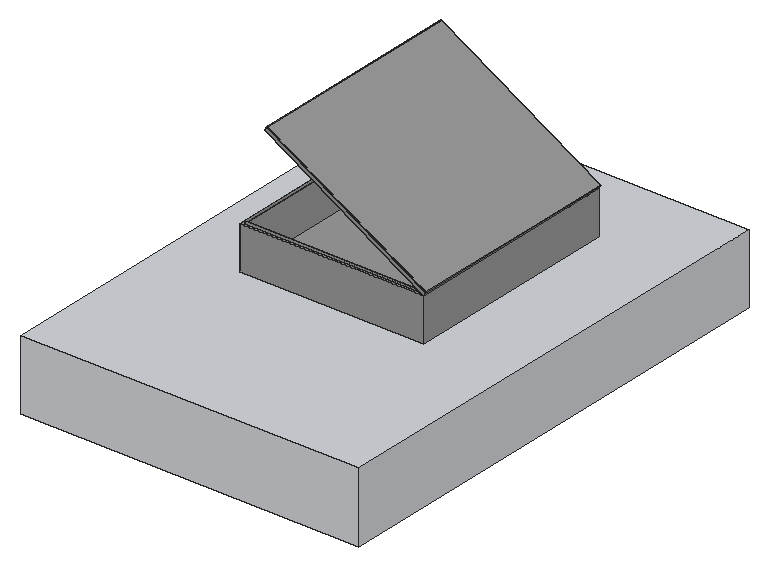
Revit family "Hager-Univers-IP44-D205-H950-Cl.II-Encl-PL-en", category Equipement électrique, Revit 2020
Family settings
  Hôte = Face
  Configuration du panneau = Deux colonnes, circuits au sein
  Cote de connecteur circulaire = Utiliser le diamètre
  Type d'élément = Tableau de raccordement
  Couper avec des vides une fois chargée = Non
  Partagée = Non
  Point de calcul de pièce = Non
Parameters (values of type "Surface mounted (plaster) IP44 W800 H950 D205  - FP63SN2")
  Width Control [instance] = if([EF000008 - Width] > Min Width, [EF000008 - Width], Min Width)  # 800 mm
  Commentaires du type = [HG000003 - Range]  # "Univers"
  Thickness Door [instance] = if([EF009171 - Material plate thickness door/cover] > 3 mm, 3 mm, [EF009171 - Material plate thickness door/cover])  # 1 mm
  Seal Frame Offset [instance] = 17 mm  # constant formula
  Plinth Visibility [instance] = [HG000027 - Plinth height] > 0 mm  # no
  Model = ""
  Min Width [instance] = 100 mm  # constant formula
  Min Height [instance] = 100 mm  # constant formula
  Min Depth [instance] = (2 * [EF009170 - Material plate thickness cabinet]) + 1 mm  # 3 mm
  Internal Frame Depth [instance] = (Door System Depth * 0.5)  # 9 mm
  Height Control [instance] = if([EF000040 - Height] > Min Height, [EF000040 - Height], Min Height)  # 950 mm
  HG000027 - Plinth height = 0 mm
  HG000026 - Floor standing = no
  HG000024 - Bottom section height = 800 mm
  HG000023 - Double section enclosure = no
  HG000016 - Door 3d visibility [instance] = yes
  HG000015 - Clearance visibility [instance] = no
  HG000014 - Door on the right [instance] = yes
  HG000013 - Door on the left [instance] = not([HG000014 - Door on the right])  # no
  HG000012 - Door swing angle [instance] = 30.00°
  HG000010 - Asymmetric doors = no
  HG000009 - Double swing door = no
  HG000006 - Flush mounted = no
  HG000004 - Manufacturer reference = "FP63SN2"
  HG000003 - Range = "Univers"
  HG000002 - With door or cover = yes
  Frame Offset Bottom [instance] = 10 mm  # constant formula
  Frame Offset [instance] = 15 mm  # constant formula
  EF015940 - Cover with overpressure release = no
  EF011959 - Degree of protection (NEMA) = ""
  EF009554 - Number of openings for flange plates = 6
  EF009212 - Cover model = "EV000116 - Closed"
  EF009171 - Material plate thickness door/cover = 1 mm
  EF009170 - Material plate thickness cabinet = 1 mm
  Fabricant = "Hager"  # constant formula
  EF008873 - Nominal current (In) = 250 A
  EF007800 - Suitable for lightning protection = no
  EF006306 - With lock = no
  EF006244 - Transparent cover/door = no
  EF005474 - Degree of protection (IP) = "EV006418 - IP44"
  EF004464 - Type of door = "EV002646 - Single"
  EF004427 - Number of modules = 216
  EF004293 - Impact strength = "EV006815 - IK09"
  EF003532 - Suitable for outdoor use = no
  EF002950 - Width in number of modular spacings = 36
  EF001613 - Circuit integrity = "EV000494 - None"
  EF001596 - Material housing = "EV000179 - Steel"
  EF001131 - Internal depth = 130 mm
  EF001088 - Extension possible = yes
  EF000437 - Number of conduit inlets = 6
  EF000339 - Type of cover = "EV004216 - Door"
  EF000266 - Number of rows = 6
  EF000218 - Built-in depth = 205 mm
  EF000118 - With mounting plate = no
  EF000116 - RAL-number = "9010"
  EF000049 - Depth = 205 mm
  EF000040 - Height = 950 mm
  EF000008 - Width = 800 mm
  EF000007 - Colour = "EV000202 - White"
  EF000003 - Mounting method = "EV000384 - Surface mounted (plaster)"
  Door System Leaf Tolerance [instance] = 1.5 mm  # constant formula
  Door System Depth [instance] = 18 mm  # constant formula
  Door Height [instance] = Height Control - [HG000027 - Plinth height]  # 950 mm
  Depth Control [instance] = if([EF000049 - Depth] > Min Depth, [EF000049 - Depth], Min Depth)  # 205 mm
  Default Elevation = 0 mm
  Connector Offset [instance] = Height Control / 2  # 475 mm
  Bottom Top Plate Trim [instance] = 1.5 mm  # constant formula
  Plinth height Ctrl [instance] = if([HG000027 - Plinth height] > 0 mm, [HG000027 - Plinth height], 12 mm)  # 12 mm
Types (5, lengths in mm): name | Width Control | HG000010 - Asymmetric doors | HG000009 - Double swing door | HG000004 - Manufacturer reference | EF009554 - Number of openings for flange plates | EF004464 - Type of door | EF004427 - Number of modules | EF002950 - Width in number of modular spacings | EF001131 - Internal depth | EF000437 - Number of conduit inlets | EF000339 - Type of cover | EF000008 - Width
  Surface mounted (plaster) IP44 W1050 H950 D205  - FP64SN2 | 1050 | no | yes | "FP64SN2" | 8 | "EV003602 - Double" | 288 | 48 | 130 | 8 | "EV004216 - Door" | 1050
  Surface mounted (plaster) IP44 W1300 H950 D205  - FP65SN2 | 1300 | yes | yes | "FP65SN2" | 10 | "EV003602 - Double" | 360 | 60 | 130 | 10 | "EV004216 - Door" | 1300
  Surface mounted (plaster) IP44 W300 H950 D205  - FP61SN2 | 300 | no | no | "FP61SN2" | 2 | "EV002646 - Single" | 72 | 12 | 143 | 2 | "EV001012 - Cover" | 300
  Surface mounted (plaster) IP44 W550 H950 D205  - FP62SN2 | 550 | no | no | "FP62SN2" | 4 | "EV002646 - Single" | 144 | 24 | 143 | 4 | "EV001012 - Cover" | 550
  Surface mounted (plaster) IP44 W800 H950 D205  - FP63SN2 | 800 | no | no | "FP63SN2" | 6 | "EV002646 - Single" | 216 | 36 | 130 | 6 | "EV004216 - Door" | 800
Reference planes
  plane 1 "Center (Front/Back)": y = 0
  plane 2: z = 0
  plane 3 "Center (Left/Right)": x = 0
  plane 4: z = 205
  plane 5: y = 1
  plane 6: y = 475
  plane 7: y = 0
  plane 8: y = 950
  plane 9: z = 0
  plane 10: x = -385
  plane 11: x = 385
  plane 12: x = 384
  plane 13: x = -384
  plane 14: y = 949
  plane 15: x = -383
  plane 16: x = -400
  plane 17: x = 383
  plane 18: x = 400
  plane 19: x = 399
  plane 20: x = -399
  plane 21: y = 11
  plane 22: y = 950
  plane 23: y = 934
  plane 24: z = 187
  plane 25: z = 1
  plane 26: z = 186
  plane 27: z = 204
Forms (mm)
  Extrusion 1, solid
    sketch origin (0, 0, 0) x (1, 0, 0) y (0, 1, 0)
      loop
        line (-702.964, 1305) -> (-702.964, -811.445) -> (766.763, -811.445) -> (766.763, 1305) -> (-702.964, 1305)
    from 0 to -304.8
  Extrusion 2, solid, material "Hager_Steel_RAL7035_Light_Grey", visible <- "Plinth Visibility", detail levels medium+fine
    sketch origin (0, 0, 0) x (1, 0, 0) y (0, 1, 0)
      loop
        line (-400, 0) -> (400, 0) -> (400, 12) -> (-400, 12) -> (-400, 0)
    from 0 to 187
  Extrusion 3, solid, material "Hager_Steel_RAL7035_Light_Grey", detail levels medium+fine
    sketch origin (0, 0, 0) x (1, 0, 0) y (0, 1, 0)
      loop
        line (-400, 0) -> (400, 0) -> (400, 950) -> (-400, 950) -> (-400, 0)
    from 0 to 187
  Extrusion 4, void
    sketch origin (0, 0, 0) x (1, 0, 0) y (0, 1, 0)
      loop
        line (-399, 1) -> (399, 1) -> (399, 949) -> (-399, 949) -> (-399, 1)
    from 1 to 186
  Extrusion 5, void
    sketch origin (-381.607, -4572, 187) x (0, -1, 0) y (-1, 0, 0)
      loop
        line (-4583, 2.393) -> (-5506, 2.393) -> (-5506, -765.607) -> (-4583, -765.607) -> (-4583, 2.393)
    from 0 to 1 <- "EF009170 - Material plate thickness cabinet"
  Extrusion 6, solid, material "Hager_Steel_RAL7035_Light_Grey", detail levels fine
    sketch origin (0, 0, 187) x (1, 0, 0) y (0, 1, 0)
      loop
        line (-384, 934) -> (-384, 11) -> (384, 11) -> (384, 934) -> (-384, 934)
      loop
        line (-385, 10) -> (385, 10) -> (385, 935) -> (-385, 935) -> (-385, 10)
    from 0 to 9 <- "Internal Frame Depth"
  Extrusion 7, solid, material "Hager_Steel_RAL7035_Light_Grey", detail levels coarse
    sketch origin (0, 0, 0) x (1, 0, 0) y (0, 1, 0)
      loop
        line (-400, 0) -> (400, 0) -> (400, 950) -> (-400, 950) -> (-400, 0)
    from 0 to 205
  Sweep 8, void
    path in 3D
      loop
        line (-400, 12, 0) -> (400, 12, 0) -> (400, 12, 187) -> (-400, 12, 187) -> (-400, 12, 0)
    profile origin (-400, 12, 93.5) x (-1, 0, 0) y (0, -1, 0)
      loop
        line (0, 0) -> (0, 1.5) -> (-1.5, 1.5)
        arc (-1.5, 1.5) -> (-1.061, 0.439) -> (0, 0) r 1.5
Cuts and joins
  Extrusion 4, Extrusion 5 cuts Extrusion 3
  Sweep 8 cuts Extrusion 2
Lines and regions (mm)
  Masking region 1
    outline origin (0, 0, 0) x (1, 0, 0) y (0, 0, 1)
      loop
        line (-400, 205) -> (-400, 0) -> (400, 0) -> (400, 205) -> (-400, 205)
  Masking region 2, detail levels medium+fine
    outline origin (0, 140, 0) x (0, 1, 0) y (0, 0, 1)
      loop
        line (-140, 0) -> (810, 0) -> (810, 187) -> (-140, 187) -> (-140, 0)
  Masking region 3, not visible, detail levels medium+fine
    outline origin (0, 297.922, 0) x (0, 1, 0) y (0, 0, 1)
      loop
        line (188.578, 0) -> (228.578, 0) -> (228.578, 194)
        arc (228.578, 194) -> (225.649, 201.071) -> (218.578, 204) r 10
        line (218.578, 204) -> (188.578, 204) -> (188.578, 0)
  Masking region 4, detail levels coarse
    outline origin (0, 0, 180) x (0, 1, 0) y (0, 0, 1)
      loop
        line (0, -180) -> (950, -180) -> (950, 25) -> (0, 25) -> (0, -180)
  Masking region 5, visible <- "Plinth Visibility", detail levels medium+fine
    outline origin (0, 52.24, 12.345) x (0, 0, -1) y (0, 1, 0)
      loop
        line (10.845, -40.24) -> (-173.155, -40.24)
        arc (-173.155, -40.24) -> (-173.594, -41.301) -> (-174.655, -41.74) r 1.5
        line (-174.655, -41.74) -> (-174.655, -52.24) -> (12.345, -52.24) -> (12.345, -41.74)
        arc (12.345, -41.74) -> (11.285, -41.301) -> (10.845, -40.24) r 1.5
  Masking region 6, detail levels medium+fine
    outline origin (-381.607, -4572, 187) x (-1, 0, 0) y (0, -1, 0)
      loop
        line (18.393, -5522) -> (18.393, -4572) -> (-781.607, -4572) -> (-781.607, -5522) -> (18.393, -5522)
  Masking region 7, visible <- "Plinth Visibility", detail levels medium+fine
    outline origin (-381.607, -4727, 187) x (-1, 0, 0) y (0, -1, 0)
      loop
        arc (16.893, -4739) -> (17.332, -4737.939) -> (18.393, -4737.5) r 1.5
        line (18.393, -4737.5) -> (18.393, -4727) -> (-781.607, -4727) -> (-781.607, -4737.5)
        arc (-781.607, -4737.5) -> (-780.546, -4737.939) -> (-780.107, -4739) r 1.5
        line (-780.107, -4739) -> (16.893, -4739)
  Masking region 8, detail levels coarse
    outline origin (-442.548, -4669.526, 187) x (-1, 0, 0) y (0, -1, 0)
      loop
        line (-42.548, -5619.526) -> (-42.548, -4669.526) -> (-842.548, -4669.526) -> (-842.548, -5619.526) -> (-42.548, -5619.526)
  sketch lines
    curve 1: line (-400, 12, 187) -> (-400, 12, 0)
    curve 2: line (400, 12, 187) -> (-400, 12, 187)
    curve 3: line (400, 12, 187) -> (400, 12, 0)
    curve 4: line (-400, 12, 0) -> (400, 12, 0)
Dimensions and locks
  "Depth Control": plane 4 to Extrusion 1
  "HG000027 - Plinth height": plane 1 "Center (Front/Back)" to plane 7
  "EF009170 - Material plate thickness cabinet": plane 5 to plane 7
  locked: connector elem to plane 3 "Center (Left/Right)"
  equal spacing: plane 8, plane 6, plane 7
  locked: connector elem to plane 6
  "EF009170 - Material plate thickness cabinet": plane 8 to plane 14
  "EF009170 - Material plate thickness cabinet": plane 10 to plane 13
  "EF009170 - Material plate thickness cabinet": plane 12 to plane 11
  "Frame Offset": plane 20 to plane 13
  "Frame Offset": plane 12 to plane 19
  "EF009170 - Material plate thickness cabinet": plane 16 to plane 20
  "EF009170 - Material plate thickness cabinet": plane 19 to plane 18
  "Seal Frame Offset": plane 16 to plane 15
  "Seal Frame Offset": plane 17 to plane 18
  "Frame Offset Bottom": plane 21 to plane 5
  "Frame Offset": plane 14 to plane 23
  equal spacing: plane 16, plane 3 "Center (Left/Right)", plane 18
  "Width Control": plane 16 to plane 18
  "EF009170 - Material plate thickness cabinet": plane 4 to plane 27
  "EF009170 - Material plate thickness cabinet": plane 24 to plane 26
  "EF009170 - Material plate thickness cabinet": plane 25 to level
  "Door System Depth": plane 4 to plane 24
  "Height Control": plane 1 "Center (Front/Back)" to Extrusion 7 sketch curve
  "Height Control": Masking region 4 sketch curve to plane 1 "Center (Front/Back)"
  "Height Control": plane 1 "Center (Front/Back)" to plane 22
  "Bottom Top Plate Trim": profile plane to Sweep 8 sketch curve
  "Bottom Top Plate Trim": Sweep 8 sketch curve to profile plane
  "Plinth height Ctrl": plane 1 "Center (Front/Back)" to Extrusion 2 sketch curve
  "Plinth height Ctrl": Masking region 5 sketch curve to plane 1 "Center (Front/Back)"
  "Plinth height Ctrl": plane 1 "Center (Front/Back)" to Masking region 7 sketch curve
  "Thickness Door": Extrusion 6 sketch curve to Extrusion 6 sketch curve  (x3)
  "Thickness Door": cut or joined group of Extrusion 3, Extrusion 4, Extrusion 5 to Extrusion 6 sketch curve
  radius of Masking region 3 sketch curve = 10 mm
  "Bottom Top Plate Trim": radius of Masking region 5 sketch curve  (x2)
  "Bottom Top Plate Trim": radius of Sweep 8 sketch curve
  "Bottom Top Plate Trim": radius of Masking region 7 sketch curve  (x2)
  aligned and locked: plane 2 to Extrusion 1
  aligned and locked: level to Extrusion 1
  aligned and locked: level to Masking region 1 sketch curve
  aligned and locked: Masking region 1 sketch curve to plane 18
  aligned and locked: Masking region 1 sketch curve to plane 16
  aligned and locked: plane 7 to Masking region 2 sketch curve
  aligned and locked: level to Masking region 3 sketch curve
  aligned and locked: Masking region 3 sketch curve to plane 27
  aligned and locked: level to Masking region 2 sketch curve
  aligned and locked: plane 1 "Center (Front/Back)" to Extrusion 2 sketch curve
  aligned and locked: Extrusion 3 sketch curve to plane 7
  aligned and locked: plane 16 to Extrusion 3 sketch curve
  aligned and locked: plane 18 to Extrusion 3 sketch curve
  aligned and locked: plane 20 to Extrusion 4 sketch curve
  aligned and locked: plane 19 to Extrusion 4 sketch curve
  aligned and locked: Extrusion 4 sketch curve to plane 5
  aligned and locked: Extrusion 4 to plane 25
  aligned and locked: plane 26 to Extrusion 4
  aligned and locked: plane 24 to Extrusion 3
  aligned and locked: Extrusion 5 sketch curve to plane 21
  aligned and locked: Extrusion 5 sketch curve to plane 13
  aligned and locked: Extrusion 5 sketch curve to plane 12
  aligned and locked: plane 18 to Extrusion 7 sketch curve
  aligned and locked: plane 1 "Center (Front/Back)" to Extrusion 7 sketch curve
  aligned and locked: plane 16 to Extrusion 7 sketch curve
  aligned and locked: plane 4 to Extrusion 7
  aligned and locked: Extrusion 7 to level
  aligned and locked: level to Masking region 4 sketch curve
  aligned and locked: Masking region 4 sketch curve to plane 1 "Center (Front/Back)"
  aligned and locked: Masking region 4 sketch curve to plane 4
  aligned and locked: nested 1 to level
  aligned and locked: nested 1 to plane 16
  aligned and locked: plane 8 to Extrusion 3 sketch curve
  aligned and locked: plane 23 to Extrusion 5 sketch curve
  aligned and locked: plane 14 to Extrusion 4 sketch curve
  aligned and locked: Masking region 2 sketch curve to plane 8
  aligned and locked: level to Masking region 5 sketch curve
  aligned and locked: plane 16 to Extrusion 2 sketch curve
  aligned and locked: plane 18 to Extrusion 2 sketch curve
  aligned and locked: Masking region 5 sketch curve to plane 24
  aligned and locked: Masking region 2 sketch curve to plane 24
  aligned and locked: plane 24 to Extrusion 2
  aligned and locked: profile plane to Sweep 8 sketch curve  (x2)
  aligned and locked: Masking region 6 sketch curve to plane 18
  aligned and locked: Masking region 6 sketch curve to plane 22
  aligned and locked: Masking region 6 sketch curve to plane 16
  aligned and locked: plane 8 to plane 22
  aligned and locked: Masking region 6 sketch curve to plane 7
  aligned and locked: Masking region 7 sketch curve to plane 16
  aligned and locked: Masking region 7 sketch curve to plane 1 "Center (Front/Back)"
  aligned and locked: Masking region 7 sketch curve to plane 18
  aligned and locked: Masking region 8 sketch curve to plane 1 "Center (Front/Back)"
  aligned and locked: Masking region 8 sketch curve to plane 18
  aligned and locked: Masking region 8 sketch curve to plane 22
  aligned and locked: Masking region 8 sketch curve to plane 16
  aligned and locked: nested 2 to plane 7
  aligned and locked: plane 3 "Center (Left/Right)" to nested 2
  aligned and locked: nested 2 to plane 24
  aligned and locked: Extrusion 6 sketch curve to cut or joined group of Extrusion 3, Extrusion 4, Extrusion 5  (x4)
Automatic sketch dimensions
  Extrusion 1 sketch curve to Extrusion 1 sketch curve = 1469.727 mm
  Extrusion 1 sketch curve to Extrusion 1 sketch curve = 2116.445 mm
  Masking region 1 sketch curve to plane 4 = 0 mm
  plane 6 to Masking region 3 sketch curve = 11.5 mm
  Masking region 3 sketch curve to Masking region 3 sketch curve = 30 mm
  Masking region 5 sketch curve to plane 1 "Center (Front/Back)" = 0 mm
Nested families
  nested 1: "Hager_Enclosure_Symbol" at (-400, 0, 0) x (1, 0, 0) z (0, -1, 0), Height <- "Depth Control", Width <- "Width Control", type "Hager_Enclosure_Symbol"
    with Width_Ctrl 800 mm, Width 800 mm, Height_Ctrl 205 mm, Height 205 mm, A_Width_Int 13.453 mm, A_Width 161.438 mm, A_Height_Ctrl 179.375 mm, A_Height 179.375 mm
  nested 2: "EC000058_Univers_Door" at (0, 0, 187) x (1, 0, 0) z (0, 1, 0), Leaf_Tolerance <- "Door System Leaf Tolerance", Angle <- "HG000012 - Door swing angle", Door_Depth <- "Door System Depth", Door_Left <- "HG000013 - Door on the left", Transparent <- "EF006244 - Transparent cover/door", Assymetrical <- "HG000010 - Asymmetric doors", Width <- "Width Control", Clearance <- "HG000015 - Clearance visibility", Double <- "HG000009 - Double swing door", 3d_Door <- "HG000016 - Door 3d visibility", Lock_Visibility <- "EF006306 - With lock", Width_Ctrl <- "Width Control", Door_Right <- "HG000014 - Door on the right", Door <- "HG000002 - With door or cover", Height <- "Door Height", Thickness <- "Thickness Door", type "EC000058_Univers_Door", detail levels medium+fine
    with min_wh 3 mm, Width_Ctrl 800 mm, Width 800 mm, Transparent no, Thickness 1 mm, Seal_Material Hager_Rubber, Lock_Visibility no, Lock_Material Hager_Plastic_RAL9005_Jet_Black, Leaf_Width 800 mm, Leaf_Tolerance_External_Sides 0 mm, Leaf_Tolerance 1.5 mm, Leaf_Offset 0 mm, Leaf_Height 947 mm, Leaf_2_Width 800 mm, Leaf_2_Offset 400 mm, Leaf_1_Width 800 mm, Leaf_1_Offset 400 mm, Height_Ctrl 950 mm, Height 950 mm, Glass_Material Hager_Glass, Double_Clearance_Ctrl no, Double no, Door_Right_Ctrl yes, Door_Right yes, Door_Material Hager_Steel_RAL7035_Light_Grey, Door_Left_Ctrl no, Door_Left no, Door_Depth 18 mm, Door yes, Clearance_Material Hager_Clearance, Clearance_Depth 800 mm, Clearance_Ctrl no, Clearance no, Assymetrical no, Angle 30.00°, 3d_Door yes
Connectors
  electrical at (0, 475, 0)
    settings: on plane 9, index 1, voltage 0 V, apparent load 0 VA, apparent load phase1 0 VA, apparent load phase2 0 VA, apparent load phase3 0 VA, power factor 1, load classification "Other", number of poles 1, system type 30, power factor state 1, is connector primary yes, connector utility no, sub classification motor no, connector description ""
Definition of nested family "EC000058_Univers_Door"
  Parameters (values of type "EC000058_Univers_Door")
    min_wh [instance] = (2 * Thickness) + 1 mm  # 11 mm
    Width_Ctrl [instance] = 400 mm
    Width [instance] = 500 mm
    Transparent [instance] = yes
    Thickness [instance] = 5 mm
    Seal_Material [instance] = none
    Lock_Visibility [instance] = yes
    Lock_Material [instance] = none
    Leaf_Width [instance] = if((Width_Ctrl - 2 * Leaf_Tolerance_External_Sides) > 0 mm, (Width_Ctrl - 2 * Leaf_Tolerance_External_Sides), min_wh)  # 400 mm
    Leaf_Tolerance_External_Sides [instance] = 0 mm  # constant formula
    Leaf_Tolerance [instance] = 1.5 mm
    Leaf_Offset [instance] = 0 mm  # constant formula
    Leaf_Height [instance] = if((Height_Ctrl - 2 * Leaf_Tolerance) > 0 mm, (Height_Ctrl - 2 * Leaf_Tolerance), min_wh)  # 497 mm
    Leaf_2_Width [instance] = if(and(and(Double, Assymetrical), Door_Left), (Leaf_Width / 3) - (Leaf_Tolerance / 2), if(and(and(Double, Assymetrical), Door_Right), (Leaf_Width / 3) * 2 - (Leaf_Tolerance / 2), if(and(Double, not(Assymetrical)), (Leaf_Width / 2) - Leaf_Tolerance, Leaf_Width)))  # 400 mm
    Leaf_2_Offset [instance] = if(and(Double, Assymetrical), Leaf_2_Width / 2, if(and(Double, not(Assymetrical)), Leaf_Width / 4, Leaf_Width / 2))  # 200 mm
    Leaf_1_Width [instance] = if(and(and(Double, Assymetrical), Door_Right), (Leaf_Width / 3) - (Leaf_Tolerance / 2), if(and(and(Double, Assymetrical), Door_Left), (Width / 3) * 2 - (Leaf_Tolerance / 2), if(and(Double, not(Assymetrical)), (Leaf_Width / 2) - Leaf_Tolerance, Leaf_Width)))  # 400 mm
    Leaf_1_Offset [instance] = if(and(Double, Assymetrical), Leaf_1_Width / 2, if(and(Double, not(Assymetrical)), Leaf_Width / 4, Leaf_Width / 2))  # 200 mm
    Height_Ctrl [instance] = if(Height > min_wh, Height, min_wh)  # 500 mm
    Height [instance] = 500 mm
    Glass_Material [instance] = none
    Double_Clearance_Ctrl [instance] = and(Double, Clearance)  # no
    Double [instance] = no
    Door_Right_Ctrl [instance] = and(or(Door_Right, Double), Door)  # yes
    Door_Right [instance] = yes
    Door_Material [instance] = none
    Door_Left_Ctrl [instance] = and(or(Door_Left, Double), Door)  # no
    Door_Left [instance] = no
    Door_Depth [instance] = 30 mm
    Door [instance] = yes
    Default Elevation = 1219.2 mm
    Clearance_Material [instance] = none
    Clearance_Depth [instance] = if(Leaf_1_Width > Leaf_2_Width, Leaf_1_Width, Leaf_2_Width)  # 400 mm
    Clearance_Ctrl [instance] = and(not(Double), Clearance)  # yes
    Clearance [instance] = yes
    Assymetrical [instance] = yes
    Angle [instance] = 30.00°
    3d_Door [instance] = yes
  Reference planes
    plane 1 "Center (Front/Back)": y = 0
    plane 2 "Bottom": z = 0
    plane 3 "Center (Left/Right)": x = 0
    plane 4: z = 500
    plane 5: x = -200
    plane 6: x = 200
    plane 7: z = 500
    plane 8: x = -200
    plane 9: z = 0
    plane 10: x = 200
    plane 11: y = 0
    plane 12: z = 1.5
    plane 13: x = -600
    plane 14: y = -400
    plane 15: x = 600
    plane 16: x = 0
    plane 17: x = 0
    plane 18: x = -200
    plane 19: x = 200
    plane 20: z = 498.5
  Forms (mm)
    Extrusion 1, solid, material <- "Clearance_Material", visible <- "Double_Clearance_Ctrl"
      sketch origin (1200, 0, 0) x (1, 0, 0) y (0, 0, -1)
        loop
          line (-1800, -498.5) -> (-600, -498.5) -> (-600, 0) -> (-1800, 0) -> (-1800, -498.5)
      from 0 to -400
  Dimensions and locks
    equal spacing: plane 5, plane 3 "Center (Left/Right)", plane 6
    "Width_Ctrl": plane 5 to plane 6
    "Leaf_Offset": plane 5 to plane 8
    "Leaf_Offset": plane 6 to plane 10
    "Leaf_Offset": plane 9 to level
    "Leaf_Offset": plane 4 to plane 7
    "Height_Ctrl": plane 4 to level
    "Leaf_Tolerance": plane 12 to plane 9
    locked: plane 11 to plane 1 "Center (Front/Back)"
    "Leaf_1_Offset": plane 18 to plane 16
    "Leaf_2_Offset": plane 17 to plane 19
    "Leaf_1_Width": plane 13 to plane 8
    "Leaf_2_Width": plane 10 to plane 15
    "Clearance_Depth": plane 14 to plane 1 "Center (Front/Back)"
    "Leaf_Tolerance_External_Sides": plane 8 to plane 18
    "Leaf_Tolerance_External_Sides": plane 19 to plane 10
    "Leaf_Tolerance": plane 7 to plane 20
    aligned and locked: level to plane 2 "Bottom"
    aligned and locked: nested 1 to plane 16
    aligned and locked: nested 2 to plane 17
    aligned and locked: Extrusion 1 to plane 13
    aligned and locked: plane 15 to Extrusion 1
    aligned and locked: Extrusion 1 to plane 14
    aligned and locked: plane 12 to nested 1
    aligned and locked: nested 2 to plane 12
    aligned and locked: Extrusion 1 to plane 11
    aligned and locked: plane 20 to Extrusion 1
    aligned and locked: nested 2 to plane 11
    aligned and locked: nested 1 to plane 11
  Automatic sketch dimensions
    Extrusion 1 sketch curve to level = 0 mm
    plane 5 to Extrusion 1 sketch curve = 400 mm
    plane 6 to Extrusion 1 sketch curve = 400 mm
    Extrusion 1 sketch curve to plane 4 = 1.5 mm
  Nested families
    nested 1: "EC000058_Univers_Door_Leaf" at (0, 0, 1.5), Width <- "Leaf_1_Width", visible <- "Door_Left_Ctrl", Leaf_Height <- "Leaf_Height", Angle <- "Angle", 3d_Door <- "3d_Door", Transparent <- "Transparent", Clearance Material <- "Clearance_Material", Clearance <- "Clearance_Ctrl", Door_Material <- "Door_Material", Glass_Material <- "Glass_Material", Door_Depth <- "Door_Depth", Lock_Material <- "Lock_Material", Seal_Material <- "Seal_Material", Lock_Visibility <- "Lock_Visibility", Thickness <- "Thickness", type "EC000058_Univers_Door_Leaf"
      with Width 400 mm, Transparent_Glass_Offset 30 mm, Transparent_Ctrl yes, Transparent yes, Thickness 5 mm, Standard no, Seal_Material none, Seal_D2 8 mm, Seal_D1 1 mm, Offset_Internal_Frame 10 mm, Lock_Width 20 mm, Lock_Visibility_3d yes, Lock_Visibility yes, Lock_Thickness_3 3 mm, Lock_Thickness_2 1 mm, Lock_Thickness_1 3 mm, Lock_Radius_Offset_2 16 mm, Lock_Radius_Offset_1 15 mm, Lock_Radius_2 5 mm, Lock_Radius 6 mm, Lock_Offset 5 mm, Lock_Material none, Lock_Height 80 mm, Lock_Cover_Top_Offset_2d 17 mm, Lock_Cover_Height -65 mm, Leaf_Height 497 mm, Internal_Seal_Thickness 8 mm, Internal_Seal_Depth_2 4.5 mm, Internal_Frame_Depth 25 mm, Glass_Thickness -1 mm, Glass_Offset -2 mm, Glass_Material none, Door_Material none, Door_Depth 30 mm, Clearance Material none, Clearance yes, Angle_Ctrl 30.00°, Angle 30.00°, 3d_Door yes
    nested 2: "EC000058_Univers_Door_Leaf" at (0, 0, 1.5) x (-1, 0, 0) z (0, 0, 1), Width <- "Leaf_2_Width", visible <- "Door_Right_Ctrl", Leaf_Height <- "Leaf_Height", Angle <- "Angle", 3d_Door <- "3d_Door", Transparent <- "Transparent", Clearance Material <- "Clearance_Material", Clearance <- "Clearance_Ctrl", Door_Material <- "Door_Material", Glass_Material <- "Glass_Material", Door_Depth <- "Door_Depth", Lock_Material <- "Lock_Material", Seal_Material <- "Seal_Material", Lock_Visibility <- "Lock_Visibility", Thickness <- "Thickness", type "EC000058_Univers_Door_Leaf"
      with Width 400 mm, Transparent_Glass_Offset 30 mm, Transparent_Ctrl yes, Transparent yes, Thickness 5 mm, Standard no, Seal_Material none, Seal_D2 8 mm, Seal_D1 1 mm, Offset_Internal_Frame 10 mm, Lock_Width 20 mm, Lock_Visibility_3d yes, Lock_Visibility yes, Lock_Thickness_3 3 mm, Lock_Thickness_2 1 mm, Lock_Thickness_1 3 mm, Lock_Radius_Offset_2 16 mm, Lock_Radius_Offset_1 15 mm, Lock_Radius_2 5 mm, Lock_Radius 6 mm, Lock_Offset 5 mm, Lock_Material none, Lock_Height 80 mm, Lock_Cover_Top_Offset_2d 17 mm, Lock_Cover_Height -65 mm, Leaf_Height 497 mm, Internal_Seal_Thickness 8 mm, Internal_Seal_Depth_2 4.5 mm, Internal_Frame_Depth 25 mm, Glass_Thickness -1 mm, Glass_Offset -2 mm, Glass_Material none, Door_Material none, Door_Depth 30 mm, Clearance Material none, Clearance yes, Angle_Ctrl 30.00°, Angle 30.00°, 3d_Door yes
  Definition of nested family "EC000058_Univers_Door_Leaf"
    Parameters (values of type "EC000058_Univers_Door_Leaf")
      Width [instance] = 2000 mm
      Transparent_Glass_Offset [instance] = 30 mm
      Transparent_Ctrl [instance] = and(Transparent, [3d_Door])  # yes
      Transparent [instance] = yes
      Thickness [instance] = 5 mm
      Standard [instance] = and(not(Transparent), [3d_Door])  # no
      Seal_Material [instance] = none
      Seal_D2 [instance] = 8 mm  # constant formula
      Seal_D1 [instance] = 1 mm  # constant formula
      Offset_Internal_Frame [instance] = 10 mm  # constant formula
      Lock_Width [instance] = 20 mm  # constant formula
      Lock_Visibility_3d [instance] = and(Lock_Visibility, [3d_Door])  # yes
      Lock_Visibility [instance] = yes
      Lock_Thickness_3 [instance] = 3 mm  # constant formula
      Lock_Thickness_2 [instance] = 1 mm  # constant formula
      Lock_Thickness_1 [instance] = 3 mm  # constant formula
      Lock_Radius_Offset_2 [instance] = Lock_Radius_Offset_1 + 1 mm  # 16 mm
      Lock_Radius_Offset_1 [instance] = 15 mm  # constant formula
      Lock_Radius_2 [instance] = Lock_Radius - 1 mm  # 5 mm
      Lock_Radius [instance] = 6 mm  # constant formula
      Lock_Offset [instance] = 5 mm  # constant formula
      Lock_Material [instance] = none
      Lock_Height [instance] = 80 mm  # constant formula
      Lock_Cover_Top_Offset_2d [instance] = Lock_Radius_Offset_2 + 1 mm  # 17 mm
      Lock_Cover_Height [instance] = -(Lock_Height - Lock_Radius_Offset_1)  # -65 mm
      Leaf_Height [instance] = 2720.336 mm
      Internal_Seal_Thickness [instance] = 8 mm  # constant formula
      Internal_Seal_Depth_2 [instance] = 4.5 mm  # constant formula
      Internal_Frame_Depth [instance] = if(Door_Depth - Thickness > 5 mm, Door_Depth - Thickness, 5 mm)  # 25 mm
      Glass_Thickness [instance] = if(Thickness > 15 mm, Glass_Offset + 10 mm, -1 mm)  # -1 mm
      Glass_Offset [instance] = if(Thickness > 15 mm, -(Thickness + 10 mm) / 2, -2 mm)  # -2 mm
      Glass_Material [instance] = none
      Door_Material [instance] = none
      Door_Depth [instance] = 30 mm
      Default Elevation = 0 mm
      Clearance Material [instance] = none
      Clearance [instance] = yes
      Angle_Ctrl [instance] = if(Angle > 180.00°, 180.00°, Angle)  # 90.00°
      Angle [instance] = 90.00°
      3d_Door [instance] = yes
    Reference planes
      plane 1 "Center (Front/Back)": y = 0
      plane 2: z = 0
      plane 3 "Center (Left/Right)": x = 0
      plane 4: y = 2000
      plane 5: x = -1000
      plane 6: x = 1000
      plane 7: x = -3000
      plane 8: z = 2720.336
      plane 9: z = 30
      plane 10: z = 2690.336
      plane 11: x = 970
      plane 12: x = -970
      plane 13: y = -3
      plane 14: z = 107.833
      plane 15: y = -5
      plane 16: y = -223.314
      plane 17: x = -1000
      plane 18: z = 1360.168
      plane 19: y = 30
    Forms (mm)
      Extrusion 1, solid, material <- "Clearance Material", visible <- "Clearance"
        sketch origin (0, 0, 0) x (1, 0, 0) y (0, 0, 1)
          loop
            line (-3000, 2720.336) -> (-3000, 0) -> (1000, 0) -> (1000, 2720.336) -> (-3000, 2720.336)
        from 0 to -2000
      Extrusion 2, solid, material <- "Door_Material", visible <- "Standard", detail levels medium+fine
        sketch origin (-1000, 0, 0) x (0, 1, 0) y (-1, 0, 0)
          loop
            line (0, 30) -> (0, 25) -> (2000, 25) -> (2000, 30) -> (0, 30)
        from 0 to 2720.336 <- "Leaf_Height"
      Extrusion 3, solid, material <- "Door_Material", visible <- "Transparent_Ctrl", detail levels medium+fine
        sketch origin (-1000, 0, 0) x (0, 1, 0) y (-1, 0, 0)
          loop
            line (0, 25) -> (2000, 25) -> (2000, 30) -> (0, 30) -> (0, 25)
        from 0 to 2720.336 <- "Leaf_Height"
      Extrusion 4, void
        sketch origin (-1025, 2000, 0) x (0, 1, 0) y (0, 0, -1)
          loop
            line (-30, -2690.336) -> (-30, -30) -> (-1970, -30) -> (-1970, -2690.336) -> (-30, -2690.336)
        from 0 to 5 <- "Thickness"
      Sweep 5, solid, material <- "Seal_Material", visible <- "Transparent_Ctrl", detail levels fine
        path in 3D
          loop
            line (-1025, 30, 30) -> (-1025, 30, 2690.336) -> (-1025, 1970, 2690.336) -> (-1025, 1970, 30) -> (-1025, 30, 30)
        profile origin (-1025, 1000, 30) x (1, 0, 0) y (0, 0, 1)
          loop
            line (0, 0) -> (0, -8) -> (1, -8) -> (1, 0) -> (0, 0)
      Extrusion 6, solid, material <- "Glass_Material", visible <- "Transparent_Ctrl", detail levels medium+fine
        sketch origin (-1030, 0, 0) x (0, 1, 0) y (0, 0, -1)
          loop
            line (1970, -2690.336) -> (1970, -30) -> (30, -30) -> (30, -2690.336) -> (1970, -2690.336)
        from -2 <- "Glass_Offset" to -1 <- "Glass_Thickness"
      Extrusion 7, solid, material <- "Door_Material", visible <- "3d_Door", detail levels medium+fine
        sketch origin (-1025, 2000, 0) x (0, -1, 0) y (0, 0, -1)
          loop
            line (0, -2720.336) -> (2000, -2720.336) -> (2000, 0) -> (0, 0) -> (0, -2720.336)
          loop
            line (1995, -5) -> (5, -5) -> (5, -2715.336) -> (1995, -2715.336) -> (1995, -5)
        from 0 to 25 <- "Internal_Frame_Depth"
      Sweep 8, solid, material <- "Seal_Material", visible <- "Transparent_Ctrl", detail levels fine
        path in 3D
          loop
            line (-1025, 0, 0) -> (-1025, 2000, 0) -> (-1025, 2000, 2720.336) -> (-1025, 0, 2720.336) -> (-1025, 0, 0)
        profile origin (-1025, 0, 1360.168) x (1, 0, 0) y (0, 1, 0)
          loop
            line (0, 10) -> (2.975, 10)
            arc (2.975, 10) -> (4.053, 10.447) -> (4.5, 11.525) r 1.525
            line (4.5, 11.525) -> (4.5, 16.527)
            arc (4.5, 16.527) -> (4.069, 17.569) -> (3.027, 18) r 1.473
            line (3.027, 18) -> (0, 18) -> (0, 10)
      Extrusion 9, solid, material <- "Lock_Material", visible <- "Lock_Visibility_3d", detail levels fine
        sketch origin (-1030, 0, 0) x (0, 1, 0) y (0, 0, -1)
          loop
            arc (1993.5, -1400.168) -> (1994.561, -1399.729) -> (1995, -1398.668) r 1.5
            line (1995, -1398.668) -> (1995, -1320.168) -> (1975, -1320.168) -> (1975, -1398.668)
            arc (1975, -1398.668) -> (1975.439, -1399.729) -> (1976.5, -1400.168) r 1.5
            line (1976.5, -1400.168) -> (1993.5, -1400.168)
        from 3 <- "Lock_Thickness_1" to 0
      Blend 10, solid, material <- "Lock_Material", visible <- "Lock_Visibility_3d", detail levels fine
        base sketch origin (-1033, 0, 0) x (0, 1, 0) y (0, 0, -1)
          loop
            line (1975, -1320.168) -> (1975, -1398.668)
            arc (1975, -1398.668) -> (1975.439, -1399.729) -> (1976.5, -1400.168) r 1.5
            line (1976.5, -1400.168) -> (1993.5, -1400.168)
            arc (1993.5, -1400.168) -> (1994.561, -1399.729) -> (1995, -1398.668) r 1.5
            line (1995, -1398.668) -> (1995, -1320.168) -> (1975, -1320.168)
        top sketch origin (-1033, 0, 0) x (0, 1, 0) y (0, 0, -1)
          loop
            line (1976, -1320.168) -> (1976, -1398.668)
            arc (1976, -1398.668) -> (1976.146, -1399.022) -> (1976.5, -1399.168) r 0.5
            line (1976.5, -1399.168) -> (1993.5, -1399.168)
            arc (1993.5, -1399.168) -> (1993.854, -1399.022) -> (1994, -1398.668) r 0.5
            line (1994, -1398.668) -> (1994, -1320.168) -> (1976, -1320.168)
        from 0 to 1 <- "Lock_Thickness_2"
      Blend 11, solid, material <- "Lock_Material", visible <- "Lock_Visibility_3d", detail levels fine
        base sketch origin (-1034, 0, 0) x (0, 1, 0) y (0, 0, -1)
          loop
            line (1978, -1320.168) -> (1978, -1384.168)
            arc (1978, -1384.168) -> (1985, -1391.168) -> (1992, -1384.168) r 7
            line (1992, -1384.168) -> (1992, -1320.168) -> (1978, -1320.168)
        top sketch origin (-1034, 0, 0) x (0, 1, 0) y (0, 0, -1)
          loop
            line (1991, -1320.168) -> (1979, -1320.168) -> (1979, -1383.168)
            arc (1979, -1383.168) -> (1985, -1389.168) -> (1991, -1383.168) r 6
            line (1991, -1383.168) -> (1991, -1320.168)
        from 0 to 3 <- "Lock_Thickness_3"
      Extrusion 12, solid, material <- "Lock_Material", visible <- "Lock_Visibility_3d", detail levels fine
        sketch origin (-1030, 1975, 1320.168) x (1, 0, 0) y (0, -1, 0)
          loop
            line (-7, -19) -> (-7, -1) -> (0, -1) -> (0, 0) -> (-8, 0) -> (-8, -20) -> (0, -20) -> (0, -19) -> (-7, -19)
        from 0 to -65 <- "Lock_Cover_Height"
      Extrusion 13, void
        sketch origin (-1038, 1995, 1320.168) x (-1, 0, 0) y (0, 0, -1)
          loop
            line (-5, -65) -> (0, -65) -> (-5, -60) -> (-5, -65)
        from 0 to 20 <- "Lock_Width"
      Extrusion 14, void
        sketch origin (-1038, 1975, 1320.168) x (0, -1, 0) y (0, 0, -1)
          loop
            circle (-10, -15.995) r 6
          loop
            circle (-10, -15.995) r 5
        from 0 to 2
      Extrusion 15, solid, material <- "Lock_Material", visible <- "Lock_Visibility_3d", detail levels medium
        sketch origin (-1030, 0, 0) x (0, 1, 0) y (0, 0, -1)
          loop
            arc (1993.5, -1400.168) -> (1994.561, -1399.729) -> (1995, -1398.668) r 1.5
            line (1995, -1398.668) -> (1995, -1320.168) -> (1975, -1320.168) -> (1975, -1398.668)
            arc (1975, -1398.668) -> (1975.439, -1399.729) -> (1976.5, -1400.168) r 1.5
            line (1976.5, -1400.168) -> (1993.5, -1400.168)
        from 8 to 0
    Cuts and joins
      Extrusion 4 cuts Extrusion 3
      Extrusion 13, Extrusion 14 cuts Extrusion 9
      Extrusion 14 cuts Blend 11
      Extrusion 13, Extrusion 14 cuts Extrusion 12
      joined: Extrusion 9, Blend 10, Blend 11, Extrusion 12
      Extrusion 14 cuts Extrusion 15
    Lines and regions (mm)
      Masking region 1, visible <- "Lock_Visibility", detail levels fine
        outline origin (0, 0, 0) x (0, 1, 0) y (0, 0, 1)
          loop
            line (30, 1320.168) -> (33, 1320.168) -> (33, 1400.168) -> (30, 1400.168) -> (30, 1320.168)
      Masking region 2, visible <- "Lock_Visibility", detail levels fine
        outline origin (0, 3.143, 0) x (0, 1, 0) y (0, 0, 1)
          loop
            line (29.857, 1354.168) -> (30.857, 1354.168) -> (30.857, 1366.168) -> (29.857, 1366.168) -> (29.857, 1354.168)
      Masking region 3, detail levels medium+fine
        outline origin (0, 0, 0) x (0, 1, 0) y (0, 0, 1)
          loop
            line (0, 0) -> (30, 0) -> (30, 2720.336) -> (0, 2720.336) -> (0, 0)
      Masking region 4, detail levels medium+fine
        outline origin (0, 0, 0) x (1, 0, 0) y (0, 0, 1)
          loop
            line (-1000, 2720.336) -> (-1000, 0) -> (1000, 0) -> (1000, 2720.336) -> (-1000, 2720.336)
      Masking region 5, visible <- "Lock_Visibility", detail levels fine
        outline origin (-47.116, 0, 0) x (1, 0, 0) y (0, 0, 1)
          loop
            arc (1024.616, 1399.168) -> (1023.556, 1398.729) -> (1023.116, 1397.668) r 1.5
            line (1023.116, 1397.668) -> (1023.116, 1320.168) -> (1041.116, 1320.168) -> (1041.116, 1397.668)
            arc (1041.116, 1397.668) -> (1040.677, 1398.729) -> (1039.616, 1399.168) r 1.5
            line (1039.616, 1399.168) -> (1024.616, 1399.168)
      Masking region 6, visible <- "Lock_Visibility", detail levels medium+fine
        outline origin (-25, 0, 0) x (1, 0, 0) y (0, 0, 1)
          loop
            arc (1001.5, 1400.168) -> (1000.439, 1399.729) -> (1000, 1398.668) r 1.5
            line (1000, 1398.668) -> (1000, 1320.168) -> (1020, 1320.168) -> (1020, 1398.668)
            arc (1020, 1398.668) -> (1019.561, 1399.729) -> (1018.5, 1400.168) r 1.5
            line (1018.5, 1400.168) -> (1001.5, 1400.168)
      Masking region 7, visible <- "Lock_Visibility", detail levels fine
        outline origin (-73.735, 0, 0) x (1, 0, 0) y (0, 0, 1)
          loop
            line (1051.735, 1382.168) -> (1065.735, 1382.168) -> (1065.735, 1384.168)
            arc (1065.735, 1384.168) -> (1058.735, 1391.168) -> (1051.735, 1384.168) r 7
            line (1051.735, 1384.168) -> (1051.735, 1382.168)
      Masking region 8, visible <- "Lock_Visibility", detail levels fine
        outline origin (-73.735, 0, 0) x (1, 0, 0) y (0, 0, 1)
          loop
            line (1052.735, 1382.168) -> (1064.735, 1382.168) -> (1064.735, 1383.168)
            arc (1064.735, 1383.168) -> (1058.735, 1389.168) -> (1052.735, 1383.168) r 6
            line (1052.735, 1383.168) -> (1052.735, 1382.168)
      Masking region 9, visible <- "Lock_Visibility", detail levels fine
        outline origin (-25, 0, 0) x (1, 0, 0) y (0, 0, 1)
          loop
            line (1020, 1320.168) -> (1020, 1382.168) -> (1000, 1382.168) -> (1000, 1320.168) -> (1020, 1320.168)
      Masking region 10, detail levels medium+fine
        outline origin (0, 0, 0) x (1, 0, 0) y (0, 0, 1)
          loop
            circle (985, 1335.144) r 6
      Masking region 11, detail levels fine
        outline origin (0, 0, 0) x (1, 0, 0) y (0, 0, 1)
          loop
            circle (985, 1335.144) r 5
      Masking region 12, visible <- "Lock_Visibility", detail levels fine
        outline origin (0, 12.767, 0) x (0, 1, 0) y (0, 0, 1)
          loop
            line (20.233, 1320.168) -> (21.233, 1320.168) -> (21.233, 1399.168) -> (20.233, 1400.168) -> (20.233, 1320.168)
      Masking region 13, visible <- "Lock_Visibility", detail levels fine
        outline origin (0, 13.767, -10) x (0, 1, 0) y (0, 0, 1)
          loop
            line (20.233, 1330.168) -> (23.233, 1330.168) -> (23.233, 1399.168) -> (20.233, 1402.168) -> (20.233, 1330.168)
      Masking region 14, visible <- "Lock_Visibility", detail levels fine
        outline origin (0, 12.767, -10) x (0, 1, 0) y (0, 0, 1)
          loop
            line (20.233, 1330.168) -> (25.233, 1330.168) -> (25.233, 1399.305) -> (20.233, 1394.305) -> (20.233, 1330.168)
      Masking region 15, visible <- "Lock_Visibility", detail levels medium
        outline origin (0, 0, 0) x (0, 1, 0) y (0, 0, 1)
          loop
            line (30, 1320.168) -> (38, 1320.168) -> (38, 1400.168) -> (30, 1400.168) -> (30, 1320.168)
      Masking region 16, visible <- "Lock_Visibility", detail levels fine
        outline origin (-1000, 0, 0) x (0, 1, 0) y (-1, 0, 0)
          loop
            line (1975, 30) -> (1995, 30) -> (1995, 38) -> (1975, 38) -> (1975, 30)
          loop
            line (1979, 37) -> (1976, 37) -> (1976, 34) -> (1978, 34) -> (1979, 37)
          loop
            line (1994, 37) -> (1991, 37) -> (1992, 34) -> (1994, 34) -> (1994, 37)
      Masking region 17, visible <- "Lock_Visibility", detail levels medium
        outline origin (-1000, 0, 0) x (0, 1, 0) y (-1, 0, 0)
          loop
            line (1975, 30) -> (1995, 30) -> (1995, 38) -> (1975, 38) -> (1975, 30)
      symbolic lines
        curve 1: line (1000, 0, 0) -> (-3000, 0, 0)
        curve 2: arc (1000, 0, 0) -> (-1000, 2000, 0) -> (-3000, 0, 0) r 2000
        curve 4: line (-1030, 0, 0) -> (-1030, 2000, 0)
      reference lines
        curve 3: line (-1000, 0, 0) -> (-1000, 2000, 0)
      symbolic lines, detail levels medium+fine
        curve 5: line (-1030, 2000, 0) -> (-1025, 2000, 0)
        curve 7: line (-1025, 0, 0) -> (-1030, 0, 0)
        curve 8: line (-1025, 0, 0) -> (-1000, 0, 0)
        curve 9: line (-1000, 0, 0) -> (-1000, 2000, 0)
        curve 10: line (-1000, 2000, 0) -> (-1025, 2000, 0)
      symbolic lines, detail levels fine
        curve 6: line (-1025, 2000, 0) -> (-1025, 0, 0)
      sketch lines
        curve 11: line (-1025, 0, 2720.336) -> (-1025, 0, 0)
        curve 12: line (-1025, 2000, 0) -> (-1025, 0, 0)
        curve 13: line (-1025, 2000, 2720.336) -> (-1025, 2000, 0)
        curve 14: line (-1025, 0, 2720.336) -> (-1025, 2000, 2720.336)
        curve 15: line (-1025, 1970, 30) -> (-1025, 30, 30)
        curve 16: line (-1025, 30, 30) -> (-1025, 30, 2690.336)
        curve 17: line (-1025, 1970, 2690.336) -> (-1025, 1970, 30)
        curve 18: line (-1025, 30, 2690.336) -> (-1025, 1970, 2690.336)
      symbolic lines, visible <- "Transparent", detail levels medium+fine
        curve 19: line (-970, 0, 2690.336) -> (970, 0, 2690.336)
        curve 20: line (-970, 0, 30) -> (-970, 0, 2690.336)
        curve 21: line (970, 0, 30) -> (-970, 0, 30)
        curve 22: line (970, 0, 2690.336) -> (970, 0, 30)
    Dimensions and locks
      "Width": plane 1 "Center (Front/Back)" to plane 4
      equal spacing: plane 5, plane 3 "Center (Left/Right)", plane 6
      "Width": plane 5 to plane 6
      "Width": plane 7 to plane 5
      "Leaf_Height": plane 8 to level
      "Width": curve 5 to curve 3
      "Width": curve 3 to curve 3
      plane 8 to plane 10 = 30 mm
      plane 9 to level = 30 mm
      plane 12 to plane 5 = 30 mm
      plane 6 to plane 11 = 30 mm
      Extrusion 1 to Extrusion 4 sketch curve = 30 mm
      "Transparent_Glass_Offset": curve 3 to Extrusion 4 sketch curve
      "Transparent_Glass_Offset": Extrusion 4 sketch curve to cut or joined group of Extrusion 3, Extrusion 4  (x2)
      cut or joined group of Extrusion 3, Extrusion 4 to Extrusion 6 sketch curve = 30 mm
      "Transparent_Glass_Offset": cut or joined group of Extrusion 3, Extrusion 4 to Extrusion 4 sketch curve
      "Thickness": curve 6 to curve 4
      "Thickness": Extrusion 7 sketch curve to Extrusion 7 sketch curve  (x4)
      "Door_Depth": curve 4 to curve 3
      "Offset_Internal_Frame": profile plane to Sweep 8 sketch curve
      "Internal_Seal_Thickness": Sweep 8 sketch curve to Sweep 8 sketch curve
      "Internal_Seal_Depth_2": profile plane to Sweep 8 sketch curve
      "Seal_D1": profile plane to Sweep 5 sketch curve
      "Seal_D2": profile plane to Sweep 5 sketch curve
      "Thickness": Extrusion 2 sketch curve to Extrusion 2 sketch curve
      equal spacing: Extrusion 9 sketch curve, plane 18, Extrusion 9 sketch curve  (x2)
      equal spacing: Masking region 1 sketch curve, plane 18, Masking region 1 sketch curve
      "Lock_Height": Masking region 1 sketch curve to Masking region 1 sketch curve
      "Lock_Radius": Masking region 2 sketch curve to plane 18 to Masking region 2 sketch curve
      Masking region 2 sketch curve to Masking region 1 = 1 mm
      "Door_Depth": plane 19 to plane 1 "Center (Front/Back)"
      "Lock_Thickness_1": Masking region 1 sketch curve to plane 19
      "Lock_Width": Extrusion 9 sketch curve to Extrusion 9 sketch curve
      "Lock_Height": Extrusion 9 sketch curve to Extrusion 9 sketch curve
      "Lock_Offset": cut or joined group of Extrusion 3, Extrusion 4 to Extrusion 9 sketch curve
      equal spacing: plane 8, plane 18, level
      "Lock_Radius_Offset_1": Blend 11 sketch curve to Blend 10
      locked: Blend 10 to Blend 11 sketch curve at 2  (x2)
      locked: var sketch to Blend 11 sketch curve at 1  (x2)
      "Lock_Radius_Offset_2": Blend 11 sketch curve to Blend 10
      locked: Extrusion 12 sketch curve to Extrusion 12 sketch curve at 1  (x3)
      Masking region 6 sketch curve to Masking region 6 sketch curve = 80 mm
      "Lock_Height": Masking region 6 sketch curve to Masking region 6 sketch curve
      "Lock_Width": Masking region 6 sketch curve to Masking region 6 sketch curve
      locked: Masking region 6 to Masking region 5 sketch curve at 1  (x3)
      locked: Masking region 5 to Masking region 7 sketch curve at 2  (x2)
      "Lock_Radius_Offset_1": Masking region 5 to Masking region 7 sketch curve
      "Lock_Radius_Offset_2": Masking region 5 to Masking region 8 sketch curve
      locked: Masking region 7 to Masking region 8 sketch curve at 1  (x2)
      "Lock_Cover_Top_Offset_2d": Masking region 5 to Masking region 9 sketch curve
      equal spacing: Masking region 9, Masking region 10 sketch curve, Masking region 9
      equal spacing: Masking region 9, Masking region 11 sketch curve, Masking region 9
      Extrusion 15 sketch curve to Extrusion 15 sketch curve = 80 mm
      "Lock_Width": Extrusion 15 sketch curve to Extrusion 15 sketch curve
      "Lock_Height": Extrusion 15 sketch curve to Extrusion 15 sketch curve
      equal spacing: Extrusion 15 sketch curve, plane 18, Extrusion 15 sketch curve
      "Lock_Thickness_3": Masking region 13 sketch curve to Masking region 13 sketch curve
      "Lock_Height": Masking region 12 sketch curve to Masking region 12 sketch curve
      locked: Masking region 13 sketch curve to Masking region 1 at 8
      locked: Masking region 14 sketch curve to Masking region 13 at 1
      locked: Masking region 14 sketch curve to Masking region 1 at 10.863
      "Lock_Height": Masking region 15 sketch curve to Masking region 15 sketch curve
      "Lock_Offset": Extrusion 15 sketch curve to cut or joined group of Extrusion 3, Extrusion 4
      "Lock_Offset": plane 6 to Masking region 6 sketch curve
      radius of Sweep 8 sketch curve = 1.525 mm
      radius of Sweep 8 sketch curve = 1.473 mm
      radius of Extrusion 9 sketch curve = 1.5 mm  (x2)
      "Lock_Radius": radius of Extrusion 14 sketch curve
      "Lock_Radius_2": radius of Extrusion 14 sketch curve
      "Lock_Radius": radius of Masking region 10 sketch curve
      "Lock_Radius_2": radius of Masking region 11 sketch curve
      radius of Extrusion 15 sketch curve = 1.5 mm  (x2)
      "Angle_Ctrl": angle plane 1 "Center (Front/Back)" to curve 3
      locked: Masking region 12 sketch curve to Masking region 12 sketch curve (angle 45.00°)
      locked: Masking region 13 sketch curve to Masking region 13 sketch curve (angle 45.00°)
      locked: Masking region 14 sketch curve to Masking region 14 sketch curve (angle 45.00°)
      aligned and locked: level to plane 2
      aligned and locked: Extrusion 1 to curve 1
      aligned and locked: plane 6 to Extrusion 1
      aligned and locked: Extrusion 1 to plane 1 "Center (Front/Back)"
      aligned and locked: plane 4 to Extrusion 1
      aligned and locked: plane 8 to Extrusion 1
      aligned and locked: curve 7 to Extrusion 2 sketch curve
      aligned and locked: curve 5 to Extrusion 2 sketch curve
      aligned and locked: curve 7 to Extrusion 3 sketch curve
      aligned and locked: Extrusion 3 sketch curve to curve 4
      aligned and locked: Extrusion 3 sketch curve to curve 6
      aligned and locked: Extrusion 3 sketch curve to curve 5
      aligned and locked: curve 9 to curve 3
      aligned and locked: Extrusion 7 sketch curve to cut or joined group of Extrusion 3, Extrusion 4  (x4)
      aligned and locked: plane 17 to curve 3
      aligned and locked: plane 1 "Center (Front/Back)" to curve 3
      aligned and locked: plane 17 to plane 5
      aligned and locked: Sweep 8 sketch curve to profile plane
      aligned and locked: Sweep 5 sketch curve to profile plane  (x2)
      aligned and locked: Masking region 1 to Masking region 2 sketch curve
      aligned and locked: plane 19 to Masking region 1 sketch curve
      aligned and locked: plane 1 "Center (Front/Back)" to Masking region 3 sketch curve
      aligned and locked: plane 19 to Masking region 3 sketch curve
      aligned and locked: level to Masking region 3 sketch curve
      aligned and locked: Masking region 3 sketch curve to plane 8
      aligned and locked: plane 17 to Masking region 4 sketch curve
      aligned and locked: level to Masking region 4 sketch curve
      aligned and locked: Masking region 4 sketch curve to plane 8
      aligned and locked: plane 12 to curve 20
      aligned and locked: plane 10 to curve 19
      aligned and locked: plane 11 to curve 22
      aligned and locked: curve 21 to plane 9
      aligned and locked: Extrusion 2 sketch curve to cut or joined group of Extrusion 3, Extrusion 4
      aligned and locked: Blend 10 sketch curve to Extrusion 9  (x4)
      aligned and locked: Extrusion 9 to Blend 10 sketch curve
      aligned and locked: Blend 10 to Blend 11 sketch curve
      aligned and locked: Extrusion 12 sketch curve to Blend 11
      aligned and locked: Extrusion 12 sketch curve to Extrusion 9  (x4)
      aligned and locked: Masking region 5 sketch curve to Masking region 6
      aligned and locked: Masking region 9 sketch curve to Masking region 6  (x3)
      aligned and locked: Masking region 12 sketch curve to Masking region 1
      aligned and locked: Masking region 13 sketch curve to Masking region 1
      aligned and locked: Masking region 12 to Masking region 14
      aligned and locked: Masking region 14 sketch curve to Masking region 1
      aligned and locked: Masking region 15 sketch curve to Masking region 14
      aligned and locked: Masking region 13 sketch curve to Masking region 12
      aligned and locked: Masking region 16 sketch curve to cut or joined group of Extrusion 14, Extrusion 15  (x4)
      aligned and locked: Masking region 16 sketch curve to cut or joined group of Extrusion 9, Blend 10, Blend 11, Extrusion 12, Extrusion 13, Extrusion 14  (x6)
      aligned and locked: cut or joined group of Extrusion 9, Blend 10, Blend 11, Extrusion 12, Extrusion 13, Extrusion 14 to Masking region 16 sketch curve
      aligned and locked: Masking region 17 sketch curve to cut or joined group of Extrusion 14, Extrusion 15  (x3)
      aligned and locked: Masking region 17 sketch curve to cut or joined group of Extrusion 9, Blend 10, Blend 11, Extrusion 12, Extrusion 13, Extrusion 14
      aligned and locked: Masking region 9 to Masking region 8 sketch curve
      aligned and locked: Masking region 9 to Masking region 7 sketch curve
    Automatic sketch dimensions
      plane 1 "Center (Front/Back)" to curve 2 = 0 mm
      curve 2 to plane 5 = 0 mm
      Extrusion 1 sketch curve to level = 0 mm
      Extrusion 1 sketch curve to plane 7 = 0 mm
      Extrusion 1 sketch curve to plane 6 = 0 mm
      Extrusion 1 sketch curve to plane 8 = 0 mm
      Extrusion 3 to Extrusion 6 sketch curve = 30 mm  (x4)
      Masking region 4 sketch curve to plane 6 = 0 mm
      Blend 10 sketch curve to Extrusion 9 = 1.5 mm
      Blend 10 sketch curve to Extrusion 9 = 1 mm
      Extrusion 13 sketch curve to Extrusion 12 = 0 mm  (x2)
      Extrusion 12 to Extrusion 13 sketch curve = 3 mm
      Extrusion 13 sketch curve to Extrusion 12 = 5 mm
      Extrusion 14 sketch curve to Extrusion 14 sketch curve = 0 mm  (x2)
      Extrusion 14 sketch curve to Extrusion 12 = 10 mm
      Extrusion 14 sketch curve to Extrusion 12 = 15.995 mm
      Masking region 5 sketch curve to Masking region 5 sketch curve = 1.5 mm  (x2)
      Masking region 10 sketch curve to plane 18 = 25.024 mm
      Masking region 11 sketch curve to plane 18 = 25.024 mm
      plane 19 to Masking region 14 sketch curve = 3 mm
      Masking region 16 sketch curve to Masking region 16 sketch curve = 3 mm
      curve 4 to curve 3 = 0 mm
      Blend 10 to Blend 11 sketch curve = 0 mm
      Masking region 6 sketch curve to Masking region 6 sketch curve = 1.5 mm  (x2)
      Masking region 6 sketch curve to plane 18 = 40 mm
      plane 19 to Masking region 12 sketch curve = 3 mm
      Masking region 12 sketch curve to Masking region 12 sketch curve = 1 mm
      Masking region 15 sketch curve to plane 19 = 0 mm
      Masking region 15 sketch curve to plane 18 = 40 mm
      radius of Blend 10 sketch curve to Extrusion 9 = 1 mm
Definition of nested family "Hager_Enclosure_Symbol"
  Parameters (values of type "Hager_Enclosure_Symbol")
    Width_Ctrl [instance] = if(Width > 1 mm, Width, 1 mm)  # 102.27 mm
    Width [instance] = 102.27 mm
    Height_Ctrl [instance] = if(Height > 1 mm, Height, 1 mm)  # 66.5 mm
    A_Width_Int [instance] = if(A_Width / 12 > 2 mm, A_Width / 12, 2 mm)  # 4.364 mm
    A_Width [instance] = if(A_Height_Ctrl * 0.9 > 2 mm, A_Height_Ctrl * 0.9, 2 mm)  # 52.369 mm
    A_Height_Ctrl [instance] = if(A_Height > 2 mm, A_Height, 2 mm)  # 58.188 mm
    Height [instance] = 66.5 mm
    A_Height [instance] = Height - (Height / 8)  # 58.188 mm
  Reference planes
    plane 1 "Centre (avant/arrière)": y = 0
    plane 2: z = 0
    plane 3 "Centre (gauche/droite)": x = 0
    plane 4: x = 52.369
    plane 5: y = 33.042
    plane 6: y = 41.77
    plane 7: y = 66.5
    plane 8: x = 26.184
    plane 9: y = 37.406
    plane 10: x = 102.27
    plane 11: y = 66.5
    plane 12: y = 8.313
  Lines and regions (mm)
    Filled region 1, type "Solid_Black", in view "Niveau de réf."
      outline origin (0, 0, 0) x (1, 0, 0) y (0, 1, 0)
        loop
          line (52.369, 66.5) -> (33.188, 54.536) -> (45.365, 45.006) -> (52.369, 66.5)
    Filled region 2, type "Solid_Black", in view "Niveau de réf."
      outline origin (0, 0, 0) x (1, 0, 0) y (0, 1, 0)
        loop
          line (0, 0) -> (102.27, 0) -> (102.27, 66.5) -> (0, 0)
    detail lines, in view "Niveau de réf."
      curve 1: line (0, 8.313, 0) -> (26.184, 41.77, 0)
      curve 2: line (26.184, 41.77, 0) -> (26.184, 33.042, 0)
      curve 3: line (26.184, 33.042, 0) -> (52.369, 66.5, 0)
  Dimensions and locks
    "A_Width": plane 3 "Centre (gauche/droite)" to plane 4
    equal spacing: plane 3 "Centre (gauche/droite)", plane 8, plane 4
    equal spacing: plane 6, plane 9, plane 5
    equal spacing: curve 3, Filled region 1 sketch curve, Filled region 1 sketch curve
    "Height_Ctrl": plane 1 "Centre (avant/arrière)" to plane 11
    "A_Height_Ctrl": plane 11 to plane 12
    equal spacing: plane 11, plane 9, plane 12
    "A_Width_Int": plane 6 to plane 9
    "Width_Ctrl": plane 3 "Centre (gauche/droite)" to plane 10
    angle Filled region 1 sketch curve to curve 3 = 20.00°
    angle curve 3 to Filled region 1 sketch curve = 20.00°
    locked: curve 3 to Filled region 1 sketch curve (angle 90.00°)
    aligned and locked: plane 10 to Filled region 2
    aligned and locked: plane 11 to Filled region 2 sketch curve
    aligned and locked: plane 10 to Filled region 2 sketch curve
    aligned and locked: plane 3 "Centre (gauche/droite)" to curve 1
    aligned and locked: plane 12 to curve 1
    aligned and locked: plane 7 to plane 11
  Automatic sketch dimensions
    Filled region 1 sketch curve to plane 4 = 0 mm
    Filled region 1 sketch curve to plane 7 = 0 mm
    plane 1 "Centre (avant/arrière)" to Filled region 2 sketch curve = 0 mm
    Filled region 2 sketch curve to plane 3 "Centre (gauche/droite)" = 0 mm
    curve 2 to plane 6 = 0 mm
    curve 2 to plane 8 = 0 mm
    curve 3 to plane 4 = 0 mm
    curve 2 to plane 5 = 0 mm
    curve 3 to plane 7 = 0 mm
